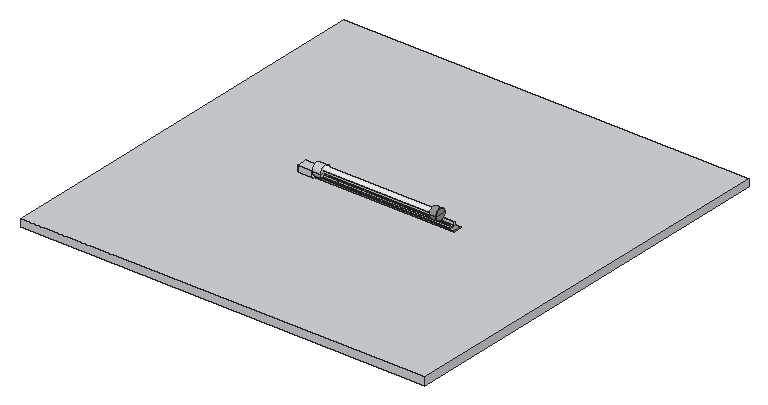
Revit family "LOMD-01-LE", category Lighting Fixtures, host Face, Revit 2014
Parameters (values of type "LOMD/01L/LE")
  Wings = Paint - Hubbell - Light Silver
  Width = 168.50 mm
  Watts = 20 W
  Wattage Comments = "20 W"
  Wattage = 20 W
  Warranty = "5 years Warranty"  # constant formula
  built-in parameter 1150110 = 1 (stored number, unit not read)
  Voltage = 120 V
  URL = "https://www.hubbell.com/chalmit/en"
  Types of protection = "Ex db (Flameproof)\r\nEx db eb (Flameproof, Increased Safety) [Emergency only]\r\nEx tb (Dust Protected Enclosure)"  # constant formula
  built-in parameter 1114217 = 1 (stored number, unit not read)
  Tilt Angle = 90.00°
  built-in parameter 1150109 = 1 (stored number, unit not read)
  built-in parameter 1150134 = 3
  Surge Protection = "4kV"  # constant formula
  built-in parameter 1150113 = 1 (stored number, unit not read)
  Reflector Finish = Hubbell - White Glass
  Product Link = "https://www.hubbell.com/chalmit/en/Products/Lighting-Controls/Harsh-Hazardous-Lighting/Linear-Lighting/Lomond-LED-LOMD---Standard-Emergency/p/2197494"
  Product Documentation Link = "https://hubbellcdn.com/specsheet/Lomond_Zone1_Datasheet_V2.pdf"
  Power Factor = 1
  Photometric Web File = "CHL_LOMD_01L_LE.ies"
  Pendent Height [instance] = 97.00 mm
  built-in parameter 1150142 = "IESNA:LM-63-2002 \r\n[TEST]WO-7157\r\n[TESTLAB]LUX-TSI\r\n[ISSUEDATE]22/02/2016\r\n[TESTDATE]22/02/2016\r\n[MANUFAC]Chalmit Lighting\r\n[LUMCAT]LOMD/01L/LE\r\n[LUMINAIRE]Lomond LED\r\n[LAMP]LED\r\n[_LUMTYPE]Linear Surface\r\n[_LAMPTYPE]LED\r\n[_LAMPMORE]Light Emitting Diodes, White\r\n[_HAZRATING]Zone 1, Zone 21\r\n[_HAZPRO]Ex d, ATEX, IECEx\r\n[_ENVIRORATING]IP66, IP67\r\n[_AMBIENT]-20°C to +55°C\r\n[_MOUNT]Surface, Suspended, Stanchion, Wall\r\n[_KEYWORDS]Wire Guard, Pole, Column, Mast\r\n[_DRAWFILE]LOMOND-18W.dwg\r\n\r\nTILT=NONE\r\n1 -1 1.000 73 25 1 2 0.055 0.535 0.030\r\n1.000 1 19.4\r\n0.00 2.50 5.00 7.50 10.00 12.50 15.00 17.50 20.00 22.50 25.00 27.50 30.00 32.50 35.00 37.50 40.00 42.50 45.00 47.50 50.00 52.50 55.00 57.50 60.00 62.50 65.00 67.50 70.00 72.50 75.00 77.50 80.00 82.50 85.00 87.50 90.00 92.50 95.00 97.50 100.00 102.50 105.00 107.50 110.00 112.50 115.00 117.50 120.00 122.50 125.00 127.50 130.00 132.50 135.00 137.50 140.00 142.50 145.00 147.50 150.00 152.50 155.00 157.50 160.00 162.50 165.00 167.50 170.00 172.50 175.00 177.50 180.00 \r\n0.00 15.00 30.00 45.00 60.00 75.00 90.00 105.00 120.00 135.00 150.00 165.00 180.00 195.00 210.00 225.00 240.00 255.00 270.00 285.00 300.00 315.00 330.00 345.00 360.00 \r\n463.4 467.2 467.0 464.5 462.5 458.4 454.8 447.1 435.8 429.2 420.8 411.4 401.6 393.8 382.5 364.7 348.3 333.1 318.7 301.6 279.5 261.8 244.8 224.9 199.5 176.7 153.0 129.9 106.7 84.2 62.3 41.6 23.7 11.9 4.5 0.8 0.0 0.0 0.5 0.5 0.1 0.0 0.5 0.7 0.4 0.4 0.9 1.0 0.7 0.5 0.9 1.0 0.8 0.6 0.8 1.1 0.7 0.5 0.8 0.9 0.6 0.8 1.3 1.2 1.7 2.5 3.2 4.9 5.6 6.5 6.3 6.3 6.5\r\n463.4 467.5 467.0 465.1 463.7 461.0 455.6 448.2 439.4 429.5 419.4 410.3 402.1 390.0 377.6 363.9 348.7 331.7 317.4 301.3 284.7 266.1 243.2 220.1 201.7 182.6 155.0 137.3 115.7 97.1 82.6 63.0 36.1 21.8 12.4 4.4 1.0 0.5 0.9 0.5 0.0 0.1 0.2 0.8 0.3 0.4 0.9 1.0 0.5 0.7 1.0 0.8 0.5 0.9 1.1 0.8 0.6 0.9 0.9 0.6 0.7 1.0 0.9 1.2 1.9 2.2 3.5 4.9 6.1 6.3 6.7 6.6 6.5\r\n463.4 464.4 465.6 462.9 461.8 457.1 453.2 445.2 437.9 428.1 417.5 410.0 402.4 390.4 375.2 362.2 347.9 333.9 318.5 299.8 281.3 267.6 247.1 229.1 210.0 192.8 174.3 149.6 120.7 97.2 80.0 61.4 41.3 25.6 13.1 5.8 1.9 1.5 1.1 0.4 0.4 0.8 0.9 0.5 0.4 1.0 0.7 0.5 1.0 1.0 0.7 0.5 0.9 1.0 0.8 0.6 0.9 0.8 0.6 0.5 0.9 1.0 0.9 1.1 1.8 2.1 3.4 5.0 6.0 6.5 6.8 6.3 6.5\r\n463.4 463.3 462.8 462.2 456.8 453.8 447.9 444.3 439.8 433.2 421.7 406.4 396.0 387.0 376.5 361.7 346.6 335.6 316.7 300.9 284.5 275.8 255.4 237.5 215.2 190.0 162.5 138.3 125.2 103.3 82.1 61.5 41.6 27.6 15.1 6.2 2.4 1.3 0.5 0.9 1.0 0.8 0.4 0.4 0.8 1.0 1.1 0.8 0.6 0.8 1.1 0.8 0.6 0.9 1.1 0.6 0.6 0.7 0.9 0.8 0.5 0.8 1.3 1.1 1.5 2.4 3.2 5.1 6.1 6.9 6.6 6.7 6.5\r\n463.4 460.3 461.0 458.9 454.6 450.5 446.9 443.8 439.0 428.0 419.1 412.3 401.1 384.9 376.1 365.1 350.6 332.7 320.7 307.2 292.8 275.0 253.0 230.8 204.7 181.0 167.3 144.2 123.4 101.6 82.1 60.8 43.4 29.5 16.6 6.6 1.5 1.0 1.1 1.0 0.4 0.5 1.1 0.5 0.7 1.2 1.2 0.8 0.6 0.9 1.1 1.0 0.8 0.5 1.0 1.0 0.9 0.4 0.8 0.9 0.8 0.8 0.8 1.3 1.8 2.0 3.6 4.9 6.1 7.0 7.1 6.7 6.5\r\n463.4 461.6 460.6 458.9 452.6 450.4 449.1 444.0 434.9 427.7 419.1 411.0 398.7 391.9 379.3 367.7 352.9 343.5 323.4 310.8 293.1 269.6 250.4 225.0 203.6 188.7 165.2 143.1 121.9 101.0 79.8 60.4 44.3 29.3 16.2 7.2 2.2 1.3 0.7 0.5 0.6 0.9 1.0 0.6 0.7 1.2 0.9 0.7 1.1 0.9 0.6 0.5 0.9 1.1 0.9 0.6 0.5 0.7 0.9 0.6 0.6 1.0 1.1 1.2 1.8 2.0 3.3 5.2 6.5 6.9 7.1 6.9 6.5\r\n463.4 460.2 460.8 458.1 454.0 450.7 449.8 444.0 435.6 431.0 423.4 413.6 401.9 394.8 378.2 366.0 351.9 342.0 322.4 310.1 293.1 269.6 249.6 228.3 209.3 189.5 167.2 145.4 120.7 99.2 79.1 60.5 43.2 28.3 16.0 7.1 1.6 0.6 0.7 1.2 0.4 0.4 1.0 1.1 0.6 0.6 1.2 1.0 0.6 0.6 1.1 0.7 0.5 1.0 0.9 0.6 0.7 0.8 0.8 0.6 0.6 0.9 1.1 1.0 1.7 2.2 3.3 5.2 6.2 7.0 7.4 6.9 6.5\r\n463.4 461.6 461.6 459.1 453.5 451.8 447.3 443.4 434.2 425.6 420.0 411.0 396.8 391.6 378.5 364.4 349.1 341.9 322.5 310.0 291.5 268.0 250.5 224.2 203.7 188.7 165.2 144.4 123.2 101.5 79.4 60.4 43.8 28.7 15.5 6.8 2.2 1.0 0.6 1.1 1.1 1.1 0.6 0.6 1.1 1.0 0.6 1.1 0.9 0.6 1.0 1.0 0.6 0.8 1.1 0.9 0.5 0.8 0.9 0.8 0.5 1.0 1.2 1.1 1.8 2.1 3.4 5.0 6.4 6.8 7.2 6.5 6.5\r\n463.4 463.0 463.0 461.2 455.9 453.4 447.8 445.2 435.0 423.8 416.4 409.9 400.8 388.1 381.9 368.9 354.4 337.4 327.5 308.1 292.9 274.8 252.0 232.8 204.9 182.2 167.5 145.0 121.9 100.5 81.1 60.3 43.6 28.5 14.7 6.0 2.0 1.7 0.7 0.6 1.2 0.6 1.1 0.6 1.2 0.6 0.8 1.2 1.0 0.6 0.8 1.1 1.1 0.8 0.7 1.0 1.0 0.9 0.5 0.6 0.9 1.1 0.9 1.4 1.8 2.2 3.2 5.2 6.2 6.9 6.7 6.3 6.5\r\n463.4 463.1 463.6 462.0 456.9 451.5 443.4 435.9 434.7 429.5 420.7 411.2 402.5 393.6 382.6 365.6 352.6 336.7 321.5 306.0 293.4 274.7 258.2 239.9 212.9 190.3 164.2 142.2 122.6 101.5 80.0 58.4 40.2 26.2 13.9 5.3 1.8 1.6 1.2 0.7 0.7 1.1 1.0 0.6 0.4 0.8 1.2 1.0 0.5 0.9 1.1 0.7 0.6 0.7 1.1 0.8 0.6 0.9 0.5 0.9 0.6 1.1 0.9 1.5 1.5 2.5 3.4 4.9 6.3 6.9 6.6 6.5 6.5\r\n463.4 465.2 463.8 463.1 458.1 451.3 442.3 438.4 435.4 430.3 422.9 416.2 407.2 393.6 378.6 364.2 350.9 337.2 318.3 298.4 288.2 268.1 251.5 228.7 216.3 191.8 173.3 146.3 121.2 97.1 79.7 57.1 38.8 23.2 12.1 4.6 1.8 1.4 0.9 0.6 0.5 1.0 0.4 0.3 0.9 0.9 0.5 0.7 0.9 1.1 0.9 0.5 0.9 1.0 1.1 0.9 0.6 0.8 1.0 0.6 0.7 1.0 1.1 1.2 1.7 2.5 3.6 4.8 6.2 6.5 6.9 6.5 6.5\r\n463.4 467.3 466.9 464.0 459.4 452.9 447.2 446.2 442.2 434.1 422.6 416.1 403.8 390.2 376.9 365.0 351.1 337.2 322.5 306.6 285.9 264.1 245.4 227.8 204.2 177.8 158.3 134.5 114.2 97.4 78.2 57.1 35.8 21.7 10.6 3.5 0.9 1.1 0.6 0.1 0.5 0.9 0.2 0.1 0.5 1.1 0.6 0.5 0.9 1.0 0.6 0.6 0.9 1.1 0.8 0.6 0.8 0.9 0.9 0.6 0.8 1.1 1.0 1.1 1.7 2.5 3.6 4.8 6.2 6.4 6.5 6.6 6.5\r\n463.4 466.8 467.0 464.2 458.5 451.9 447.7 446.9 442.0 434.1 426.2 416.6 402.8 392.0 379.9 366.4 354.0 339.0 321.2 304.8 285.5 267.8 245.9 226.1 201.6 176.3 152.0 129.2 104.7 81.9 59.6 38.8 21.4 10.3 2.6 0.4 0.6 0.4 0.0 0.5 0.0 0.4 0.1 0.3 0.6 1.0 0.9 0.5 0.8 1.1 0.5 1.0 0.6 1.1 0.9 0.6 0.8 0.8 1.0 0.9 0.6 1.0 1.1 1.1 1.8 2.2 3.6 5.0 5.9 6.6 6.5 6.3 6.5\r\n463.4 465.6 464.5 460.4 452.2 443.7 440.2 438.2 432.8 426.5 420.1 409.8 399.0 386.2 373.9 361.4 348.2 335.3 315.7 296.1 279.2 261.4 243.9 223.6 197.7 174.9 149.7 121.9 103.0 82.3 70.1 51.7 30.0 13.7 6.8 3.0 1.1 0.8 1.2 0.5 0.5 0.2 0.3 0.2 0.7 0.6 0.5 0.8 1.0 0.6 1.0 0.6 1.1 0.6 1.1 0.6 1.0 0.7 0.7 1.0 0.7 0.7 1.1 1.4 1.5 2.5 3.4 5.1 6.0 6.5 6.7 6.4 6.5\r\n463.4 463.8 460.0 455.0 450.7 441.2 438.3 436.2 433.8 429.8 420.8 408.8 398.1 385.0 374.3 358.7 342.4 330.4 312.3 294.3 272.1 254.8 236.0 215.3 195.6 180.1 165.2 140.9 119.4 90.4 64.2 47.8 28.1 18.3 7.9 3.2 2.1 1.8 1.4 0.8 0.7 1.0 1.0 0.3 0.7 1.1 0.9 0.6 0.8 1.0 1.1 0.6 0.7 1.1 0.9 0.6 0.8 1.0 0.9 0.6 0.7 1.1 1.1 1.1 1.9 2.2 3.7 5.1 6.2 6.6 6.8 6.6 6.5\r\n463.4 459.8 456.3 453.2 449.0 444.8 439.2 432.3 428.9 421.0 413.1 407.0 396.8 384.9 370.7 355.2 337.4 319.8 305.3 288.8 270.6 259.6 241.4 227.4 203.2 180.4 156.5 131.0 104.3 83.5 65.5 44.4 34.7 16.0 8.5 3.2 2.2 1.2 1.0 1.4 1.4 0.8 0.5 0.5 0.9 1.2 1.1 0.8 0.8 1.1 0.7 0.6 1.1 1.0 0.7 0.7 1.0 0.7 0.5 0.7 0.9 1.1 0.9 1.4 1.6 2.4 3.6 5.0 6.5 6.8 6.9 6.7 6.5\r\n463.4 456.2 452.7 451.9 448.4 446.1 440.4 431.6 423.5 417.0 408.1 400.3 389.6 378.8 364.3 350.8 336.2 319.9 303.3 296.0 278.5 263.9 243.6 223.8 201.7 171.6 149.0 122.2 105.6 84.1 62.7 51.0 32.4 18.6 8.9 3.0 2.0 1.4 0.8 1.4 1.2 0.5 0.6 1.1 1.2 1.1 0.8 0.7 0.6 1.1 1.1 0.9 0.6 0.7 1.2 0.9 0.6 0.6 1.0 0.8 0.6 0.8 1.2 1.4 1.5 2.5 3.4 5.1 6.5 6.8 7.3 6.5 6.5\r\n463.4 456.7 451.7 451.9 449.1 446.3 438.5 432.9 429.4 422.2 413.0 400.8 387.8 372.5 358.3 347.4 333.0 319.9 309.3 295.2 278.8 258.0 238.2 218.4 190.9 170.7 143.4 124.0 103.8 82.4 64.8 52.2 31.2 19.2 9.9 3.7 1.9 1.0 0.7 1.0 1.3 0.9 0.7 1.2 1.0 0.6 0.9 1.2 1.0 0.5 0.6 0.7 1.1 0.9 0.7 0.7 1.0 0.9 0.7 0.5 0.9 1.0 0.8 1.2 1.8 2.2 3.3 5.3 6.2 7.2 7.3 6.6 6.5\r\n463.4 456.3 452.9 450.5 449.5 447.0 439.1 432.2 431.4 423.1 413.5 404.9 395.3 378.5 365.5 351.0 336.8 324.6 307.9 297.7 281.2 260.9 242.0 220.5 192.6 169.6 145.6 126.4 102.4 81.5 67.1 51.8 30.6 19.7 9.5 3.1 1.6 0.9 0.7 1.3 1.1 0.9 0.6 0.7 1.2 1.0 0.7 0.8 1.1 1.0 0.5 0.9 1.1 0.9 0.7 0.6 0.9 0.8 0.6 0.7 1.0 0.9 0.8 1.4 1.7 2.2 3.5 5.3 6.2 7.2 7.0 6.7 6.5\r\n463.4 457.5 453.7 453.4 453.3 448.7 443.2 435.9 430.2 423.3 414.3 403.6 392.9 378.7 366.9 352.8 337.0 322.6 314.2 298.1 281.4 259.6 241.2 221.5 192.6 171.5 144.9 126.2 106.1 84.4 66.6 53.8 32.2 20.2 10.7 3.4 1.1 1.1 1.5 1.1 0.5 1.1 1.2 0.8 0.6 1.1 1.2 1.2 0.6 1.0 1.0 0.7 0.6 1.0 1.0 0.6 0.5 0.7 1.0 0.6 0.7 1.1 1.0 1.3 1.8 2.1 3.5 5.1 6.3 6.8 7.3 6.6 6.5\r\n463.4 459.9 454.8 453.5 452.2 451.1 445.5 439.8 432.6 425.6 416.4 407.0 393.8 382.7 366.5 353.5 338.2 320.3 304.2 297.0 277.4 263.1 242.2 221.7 202.3 172.7 151.8 124.1 107.3 87.7 65.4 51.8 34.2 20.5 10.6 3.2 1.4 1.6 1.5 0.7 0.7 1.3 1.0 0.5 1.0 1.0 0.7 0.8 1.1 1.0 0.6 0.7 1.1 0.9 0.7 0.6 0.8 0.9 0.6 0.5 0.8 1.1 0.9 1.1 1.6 2.4 3.2 5.1 6.1 7.0 6.7 6.4 6.5\r\n463.4 461.1 457.6 454.0 452.5 449.3 448.2 441.8 435.5 425.1 413.9 407.1 395.5 382.3 367.8 357.5 339.9 322.0 303.0 287.0 271.6 261.5 242.9 231.1 204.7 183.6 161.1 133.6 108.3 88.4 68.2 46.9 36.7 19.0 10.6 3.8 2.1 1.4 0.7 1.2 1.3 1.0 0.4 0.9 1.1 1.0 0.6 0.7 1.1 1.0 0.5 0.9 1.0 0.7 0.7 0.6 0.7 0.8 0.9 0.8 0.7 0.7 1.1 1.4 1.5 2.4 3.3 5.0 6.1 6.8 6.6 6.2 6.5\r\n463.4 464.1 459.7 455.8 453.1 449.6 445.3 441.2 435.1 425.4 413.2 404.1 393.9 383.2 374.6 361.1 343.5 326.8 310.5 292.4 268.7 251.1 234.0 215.6 195.9 180.7 167.5 141.0 121.0 94.7 70.3 49.7 32.0 21.5 8.8 4.5 1.7 1.0 0.7 1.0 1.2 0.6 0.4 0.6 1.0 0.9 0.8 0.6 0.6 0.8 1.0 1.1 0.8 0.7 1.1 0.9 0.5 0.9 0.9 0.6 0.6 1.0 1.2 1.2 1.5 2.4 3.4 4.7 6.2 6.4 6.7 6.3 6.5\r\n463.4 464.5 464.5 459.6 457.6 451.4 443.6 440.3 428.8 421.5 413.0 404.4 396.9 388.4 377.3 362.1 347.4 329.0 311.2 293.8 277.4 260.9 241.5 219.5 197.8 176.0 149.6 127.1 104.7 86.0 74.2 55.2 37.0 16.3 7.1 3.2 1.6 0.7 0.3 0.6 0.5 0.0 0.0 0.7 0.7 0.5 0.5 0.8 1.1 0.8 0.6 0.7 1.0 0.9 0.7 0.7 0.9 1.0 0.7 0.5 0.8 1.1 0.8 1.4 1.8 2.3 3.2 4.6 6.0 6.2 6.3 6.4 6.5\r\n463.4 467.7 465.2 465.3 461.6 458.9 453.4 446.5 436.4 427.3 419.1 411.3 402.4 392.7 380.1 364.8 348.8 332.7 316.3 300.5 279.0 261.9 244.3 222.8 198.6 176.9 152.4 128.2 106.7 83.8 61.1 40.0 23.5 12.0 3.7 0.3 0.5 0.1 0.0 0.3 0.5 0.2 0.0 0.6 0.8 0.5 0.5 1.0 1.0 0.6 0.7 1.1 0.8 0.7 0.9 1.1 0.6 0.6 0.9 0.8 0.6 1.0 1.3 1.2 1.7 2.5 3.5 4.6 5.7 6.5 6.3 6.2 6.5\r\n"
  Mounting = Paint - Hubbell - Light Silver
  Model = "LMOD/01/LE"
  Manufacturer = "Chalmit"  # constant formula
  built-in parameter 1150105 = 159.15 (stored number, unit not read)
  Lumens = 2000 lm
  built-in parameter 1150115 = 1 (stored number, unit not read)
  Load Classification = Lighting
  built-in parameter 1150137 = (empty or 0)
  built-in parameter 1150139 = (empty or 0)
  Length = 927.00 mm
  built-in parameter 1150112 = 1 (stored number, unit not read)
  built-in parameter 1150114 = 1 (stored number, unit not read)
  Lamp = "LED"  # constant formula
  built-in parameter 1150132 = (empty or 0)
  built-in parameter 1150102 = (empty or 0)
  built-in parameter 1150107 = 3200 (stored number, unit not read)
  built-in parameter 1150138 = (empty or 0)
  built-in parameter 1150106 = 1.5915 (stored number, unit not read)
  IP Rating = "IP66/67"  # constant formula
  Housing Material = Paint - Hubbell - Matte White
  Fixture distribution = "Direct"  # constant formula
  Features = "Suitable for high ambient areas.\r\nHighly Energy Efficient.\r\nCool running improves T-rating.\r\nIP68 version available"  # constant formula
  Emit from Rectangle Width = 720.00 mm
  Emit from Rectangle Length = 50.00 mm
  Emit Shape Visible in Rendering = no
  built-in parameter 1150104 = 9.2903 (stored number, unit not read)
  Drum-Height = 609.60 mm
  Dimming Lamp Color Temperature Shift = <None>
  Description = "The Lomond is a rugged, flameproof LED luminaire. It features\r\nan integrated mounting channel for universal installation. The\r\naluminium and glass construction make the Lomond highly\r\nresistant to aggressive chemical agents."  # constant formula
  Default Elevation = 1219.20 mm
  Copyright = " ©2020 Chalmit, a division of Hubbell Lighting, Inc"  # constant formula
  Contact = "https://www.hubbell.com/chalmit/en/contactUs"
  Connector Description = "Lighting Connector"  # constant formula
  Color Filter = 16777215
  Certification = "EU Type Examination Certificate\r\n CML16ATEX1020X\r\nIECEx Certificate of Conformity\r\n IECEx CML16.0016X"  # constant formula
  built-in parameter 1114218 = 1 (stored number, unit not read)
  built-in parameter 1150133 = 10 (stored number, unit not read)
  Assembly Code = "D5020200"
  Apparent Load = Watts / Power Factor  # 20 VA
Reference planes
  plane 1 "Center (Front/Back)": y = 0
  plane 2: z = 14.125
  plane 3 "Center (Left/Right)": x = 0
  plane 4: z = 161.125
Forms (mm)
  Extrusion 1, solid
    sketch origin (0, 0, 0) x (1, 0, 0) y (0, 1, 0)
      loop
        line (-1219.2, 1219.2) -> (-1219.2, -1219.2) -> (1219.2, -1219.2) -> (1219.2, 1219.2) -> (-1219.2, 1219.2)
    from 14.125 to -31.75
  Extrusion 2, solid, material "Paint - Hubbell - Light Silver" <- "Wings"
    sketch origin (-9.317, -18.959, 0) x (0, -1, 0) y (1, 0, 0)
      loop
        line (-24.417, 463.5) -> (-24.417, -376.5) -> (25.583, -376.5) -> (25.583, 463.5) -> (-24.417, 463.5)
      loop
        arc (7.322, 437.122) -> (0, 444.444) -> (-7.322, 437.122) r 7.322
        line (-7.322, 437.122) -> (-7.322, 409.878)
        arc (-7.322, 409.878) -> (0, 402.556) -> (7.322, 409.878) r 7.322
        line (7.322, 409.878) -> (7.322, 437.122)
      loop
        arc (7.322, 374.955) -> (0, 382.277) -> (-7.322, 374.955) r 7.322
        line (-7.322, 374.955) -> (-7.322, 347.71)
        arc (-7.322, 347.71) -> (0, 340.389) -> (7.322, 347.71) r 7.322
        line (7.322, 347.71) -> (7.322, 374.955)
      loop
        arc (7.322, 312.122) -> (0, 319.444) -> (-7.322, 312.122) r 7.322
        line (-7.322, 312.122) -> (-7.322, 284.878)
        arc (-7.322, 284.878) -> (0, 277.556) -> (7.322, 284.878) r 7.322
        line (7.322, 284.878) -> (7.322, 312.122)
      loop
        arc (7.322, 249.955) -> (0, 257.277) -> (-7.322, 249.955) r 7.322
        line (-7.322, 249.955) -> (-7.322, 222.71)
        arc (-7.322, 222.71) -> (0, 215.389) -> (7.322, 222.71) r 7.322
        line (7.322, 222.71) -> (7.322, 249.955)
      loop
        arc (7.322, 187.122) -> (0, 194.444) -> (-7.322, 187.122) r 7.322
        line (-7.322, 187.122) -> (-7.322, 159.878)
        arc (-7.322, 159.878) -> (0, 152.556) -> (7.322, 159.878) r 7.322
        line (7.322, 159.878) -> (7.322, 187.122)
      loop
        arc (7.322, 124.955) -> (0, 132.277) -> (-7.322, 124.955) r 7.322
        line (-7.322, 124.955) -> (-7.322, 97.71)
        arc (-7.322, 97.71) -> (0, 90.389) -> (7.322, 97.71) r 7.322
        line (7.322, 97.71) -> (7.322, 124.955)
      loop
        arc (7.322, 62.122) -> (0, 69.444) -> (-7.322, 62.122) r 7.322
        line (-7.322, 62.122) -> (-7.322, 34.878)
        arc (-7.322, 34.878) -> (0, 27.556) -> (7.322, 34.878) r 7.322
        line (7.322, 34.878) -> (7.322, 62.122)
      loop
        arc (7.322, -0.045) -> (0, 7.277) -> (-7.322, -0.045) r 7.322
        line (-7.322, -0.045) -> (-7.322, -27.29)
        arc (-7.322, -27.29) -> (0, -34.611) -> (7.322, -27.29) r 7.322
        line (7.322, -27.29) -> (7.322, -0.045)
      loop
        arc (7.322, -62.878) -> (0, -55.556) -> (-7.322, -62.878) r 7.322
        line (-7.322, -62.878) -> (-7.322, -90.122)
        arc (-7.322, -90.122) -> (0, -97.444) -> (7.322, -90.122) r 7.322
        line (7.322, -90.122) -> (7.322, -62.878)
      loop
        arc (7.322, -125.045) -> (0, -117.723) -> (-7.322, -125.045) r 7.322
        line (-7.322, -125.045) -> (-7.322, -152.29)
        arc (-7.322, -152.29) -> (0, -159.611) -> (7.322, -152.29) r 7.322
        line (7.322, -152.29) -> (7.322, -125.045)
      loop
        arc (7.322, -202.878) -> (0, -195.556) -> (-7.322, -202.878) r 7.322
        line (-7.322, -202.878) -> (-7.322, -230.122)
        arc (-7.322, -230.122) -> (0, -237.444) -> (7.322, -230.122) r 7.322
        line (7.322, -230.122) -> (7.322, -202.878)
      loop
        arc (7.322, -265.045) -> (0, -257.723) -> (-7.322, -265.045) r 7.322
        line (-7.322, -265.045) -> (-7.322, -292.29)
        arc (-7.322, -292.29) -> (0, -299.611) -> (7.322, -292.29) r 7.322
        line (7.322, -292.29) -> (7.322, -265.045)
    from 0 to 20
  Extrusion 3, solid, material "Hubbell - White Glass" <- "Reflector Finish"
    sketch origin (-9.317, -18.959, 0) x (0, -1, 0) y (0, 0, 1)
      loop
        circle (0, 60.092) r 20
    from -345.833 to 330.796
  Revolve 4, solid, material "Paint - Hubbell - Light Silver" <- "Mounting"
    sketch origin (-9.317, -18.959, 60) x (0, -1, 0) y (1, 0, 0)
      loop
        line (0, 323.156) -> (32.5, 323.156) -> (32.5, 360.467) -> (30.384, 360.467) -> (30.384, 363.156) -> (0, 363.156) -> (0, 323.156)
      axis (0, 363.156) -> (0, 323.156)
    angle from 0 to 360
  Extrusion 5, solid
    sketch origin (-9.317, -18.959, 0) x (0, -1, 0) y (0, 0, 1)
      loop
        line (0.583, 20) -> (16.833, 20) -> (16.833, 30) -> (16.833, 37.973) -> (15.697, 37.973) -> (15.697, 21.028) -> (0.583, 21.028) -> (-15.781, 21.028) -> (-15.781, 37.973) -> (-16.917, 37.973) -> (-16.917, 30) -> (-16.917, 20) -> (0.583, 20)
    from -433.467 to 330.796
  Extrusion 6, solid
    sketch origin (-40.567, -18.959, 0) x (0, -1, 0) y (1, 0, 0)
      loop
        arc (-19.417, -345.121) -> (-26.488, -348.05) -> (-29.417, -355.121) r 10
        line (-29.417, -355.121) -> (-29.417, -431.892)
        arc (-29.417, -431.892) -> (-26.488, -438.963) -> (-19.417, -441.892) r 10
        line (-19.417, -441.892) -> (25.823, -441.892)
        arc (25.823, -441.892) -> (31.584, -439.505) -> (33.97, -433.745) r 8.147
        line (33.97, -433.745) -> (33.97, -355.121)
        arc (33.97, -355.121) -> (31.041, -348.05) -> (23.97, -345.121) r 10
        line (23.97, -345.121) -> (-19.417, -345.121)
    from 0 to 49.048
  Revolve 7, solid
    sketch origin (-9.317, -18.959, 46.947) x (0, -1, 0) y (1, 0, 0)
      loop
        line (0, -330.796) -> (0, -380.796) -> (35.583, -380.796) -> (35.583, -330.796) -> (0, -330.796)
      axis (0, -330.796) -> (0, -380.796)
    angle from 0 to 360
  Revolve 8, solid, material "Paint - Hubbell - Matte White" <- "Housing Material"
    sketch origin (-9.317, 12.959, 0) x (1, 0, 0) y (0, 0, 1)
      loop
        line (-290.003, 8.406) -> (187.178, 8.406) -> (187.178, 16.215) -> (185.15, 16.215) -> (185.15, 20) -> (180.15, 20) -> (180.15, 16.215) -> (-127.975, 16.215) -> (-282.975, 16.215) -> (-282.975, 20) -> (-287.975, 20) -> (-287.975, 16.215) -> (-290.003, 16.215) -> (-290.003, 8.406)
      axis (-290.003, 8.406) -> (187.178, 8.406)
    angle from 0 to 360
  Revolve 9, solid, material "Paint - Hubbell - Matte White" <- "Housing Material"
    sketch origin (-9.025, -32.211, 8.002) x (0, -1, 0) y (1, 0, 0)
      loop
        line (-35.075, -358.914) -> (-35.075, -353.914) -> (-50.075, -353.914) -> (-51.397, -352.592) -> (-56.397, -352.592) -> (-57.719, -353.914) -> (-74.201, -353.914) -> (-74.201, -357.38) -> (-77.111, -357.38) -> (-77.111, -358.914) -> (-35.075, -358.914)
      axis (-35.075, -358.914) -> (-77.111, -358.914)
    angle from 0 to 360
  Sweep 10, solid, material "Hubbell - White Glass" <- "Reflector Finish"
    path origin (-9.317, -18.959, 0) x (0, -1, 0) y (1, 0, 0)
      loop
        arc (-31.917, -290.003) -> (-40.533, -320.929) -> (-43.145, -352.925) r 168.957
    profile origin (-330.246, 21.575, 0) x (-0.175662, -0.984451, 0) y (0, 0, 1)
      loop
        circle (0, 7.5) r 2
Cuts and joins
  joined: Extrusion 6, Revolve 7
Dimensions and locks
  plane 2 to plane 4 = 147.00 mm
  aligned and locked: plane 2 to Extrusion 1
Connectors
  electrical at (-434.305, -21.467, 0), driven by "Voltage", driven by "Apparent Load", driven by "Power Factor", driven by "Connector Description"
    settings: on cut or joined group of Extrusion 6, Revolve 7, index 1, voltage 120 V, apparent load 20 VA, apparent load phase1 0 VA, apparent load phase2 0 VA, apparent load phase3 0 VA, power factor 1, load classification "Other", number of poles 1, system type 30, power factor state 1, is connector primary yes, connector utility no, sub classification motor no, connector description "Lighting Connector"
